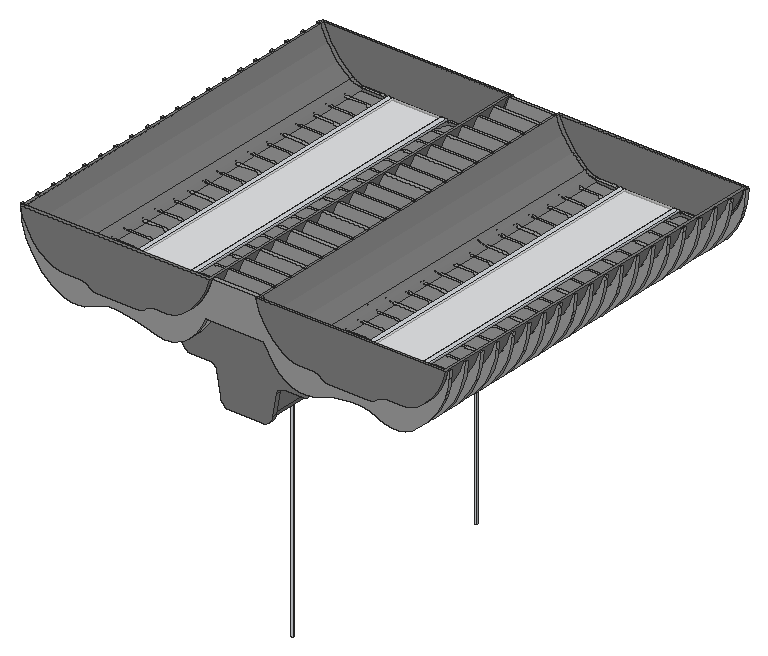
Revit family "0039263 Feilo Sylvania Lighting Fixtures SYLBAY LED 4000K 18-5KLM WIDE DALI", category Lighting Fixtures, host Face, Revit 2017
Family settings
  Host = Face
  Round Connector Dimension = Use Diameter
  Part Type = Normal
  OmniClass Number = 23.80.70.00
  OmniClass Title = Lighting
  Cut with Voids When Loaded = No
  Light Source = Yes
  Shared = No
  Room Calculation Point = No
Parameters (values of type "0039263 SYLBAY LED 4000K 18.5KLM WIDE DALI")
  WireRadius_FEILO = 1 mm
  Weight = "4.6 kg"
  Wattage Comments = "n/a"
  Wattage = 145 W
  WarrantyStartDate [instance] = "n/a"
  WarrantyGuarantorParts = "n/a"
  WarrantyDurationUnit = "n/a"
  WarrantyDurationParts = "n/a"
  WarrantyDescription = "n/a"
  built-in parameter 1150110 = 1 (stored number, unit not read)
  Voltage = 230 V
  URL = "http://www.sylvania-lighting.com"
  TypeName = "SYLBAY LED 4000K 18.5KLM WIDE DALI"
  Type Image = <None>
  Type Comments = "n/a"
  built-in parameter 1114217 = 1 (stored number, unit not read)
  Tilt Angle = -90.00°
  built-in parameter 1150109 = 1 (stored number, unit not read)
  built-in parameter 1150134 = 12
  SuspensionHeight_FEILO [instance] = if(SurfaceMounted_FEILO, 107 mm, SuspensionHeightEntry_FEILO)  # 300 mm
  SuspensionHeightEntry_FEILO [instance] = 300 mm
  SurfaceMounted_FEILO [instance] = no
  built-in parameter 1150113 = 1 (stored number, unit not read)
  SerialNumber [instance] = "n/a"
  ReflectorMaterial = none
  PowerFactor = 0
  PowerConsumption = "145 W"
  Photometric Web File = "0039263.ies"
  NominalLength = 330 mm
  NominalHeight = 105 mm
  NominalDepth = 375 mm
  Name = "SYLBAY LED 4000K 18.5KLM WIDE DALI"
  ModelReference = "SYLBAY LED 4000K 18.5KLM WIDE DALI"
  ModelNumber = "0039263"
  Model = "SYLBAY LED 4000K 18.5KLM WIDE DALI"
  Material = "aluminium housing"
  ManufacturerName = "Feilo Sylvania"
  Manufacturer = "Feilo Sylvania"
  LuminousEfficacy = "130.67 lm/W"
  built-in parameter 1150105 = 11308.3 (stored number, unit not read)
  Lumens = 18947.1 lm
  LuminaireType = ""
  built-in parameter 1150115 = 1 (stored number, unit not read)
  LightOutputRatio = "100"
  built-in parameter 1150137 = (empty or 0)
  built-in parameter 1150139 = (empty or 0)
  LampsType = Lamp  # "LED"
  LampNominalLuminous = "18817 lm"
  LampMacAdamStep = "n/a"
  LampColourTemperature = "4000 K"
  LampColourRenderingIndex = "80"
  built-in parameter 1150112 = 1 (stored number, unit not read)
  built-in parameter 1150114 = 1 (stored number, unit not read)
  Lamp = "LED"
  Keynote = "16500"
  InstallationDate [instance] = "n/a"
  InputVoltage = "220-240V~"
  InputNominalFrequency = "50/60 Hz"
  built-in parameter 1150132 = (empty or 0)
  built-in parameter 1150102 = (empty or 0)
  built-in parameter 1150107 = 4000 (stored number, unit not read)
  built-in parameter 1150138 = (empty or 0)
  IngressProtection = "IP65"
  ImpactProtectionIndex = "IK08"
  built-in parameter 1150106 = 113.08 (stored number, unit not read)
  IfcExportType = "IfcLightFixtureType"
  IfcExportAs = "IfcLightFixtureType"
  ExpectedLife = 50000
  Emit from Rectangle Width = 365 mm
  Emit from Rectangle Length = 320 mm
  Emit Shape Visible in Rendering = no
  ElectricShockClassification = "Class I"
  built-in parameter 1150104 = 12.14 (stored number, unit not read)
  DurationUnit = "hours"
  DocumentationLiterature = "http://www.sylvania-lighting.com/product/en-int/products/0039263"
  DimmingControlOptions = "Dimmable"
  Dimming Lamp Color Temperature Shift = <None>
  DiffuserMaterial = Diffuser-Sylvania-Sylbay-Transparent
  Description = "Specification industrial high bay luminaire, robust and durable, slim design, high output and efficiency, lightweight, aluminium housing with shatter-resistant polycarbonate lens optic, 18,800 lumens, 145W, 130lm/W, 4000K, 2100mA, CRI 80, wide beam optic, DALI dimmable, IP65, IK08, 100,000 hrs (L90B10), (LxWxH) 330x375x105mm, 3 step MacAdam ellipse, 4.6kg, aluminium finish, Class 1, 220-240V, integrated LED, energy class: A++, A+, A."
  Default Elevation = 1219.2 mm
  CreatedOn = "17/11/2017"
  CreatedBy = ""
  Cost = 0
  Color Filter = 16777215
  built-in parameter 1114216 [instance] = (empty or 0)
  BodyMaterial = Body-Sylvania-Sylbay-Aluminium
  BarCode [instance] = "n/a"
  built-in parameter 1114218 = 1 (stored number, unit not read)
  built-in parameter 1150133 = 10 (stored number, unit not read)
  AssetType = "Fixed"
  AssetIdentifier [instance] = "n/a"
  Assembly Code = "D5020200"
  Apparent Load = 145 VA
  AccessoryMaterial = Accesory-Sylvania-Sylbay-White
Reference planes
  plane 1 "Center (Front/Back)": y = 0
  plane 2: z = 0
  plane 3 "Center (Left/Right)": x = 0
  plane 4: z = 300
  plane 5: y = -147
  plane 6: y = 100
  plane 7: y = -100
  plane 8: z = 237.522
  plane 9: z = 246.272
  plane 10: z = 227.522
  plane 11: z = 266.272
  plane 12: z = 256.272
  plane 13: z = 262.272
  plane 14: y = 147
  plane 15: y = -8.075
  plane 16: y = 8.075
  plane 17: y = -150
  plane 18: y = 150
  plane 19: z = 195
  plane 20: z = 193
Forms (mm)
  Extrusion 1, solid, material "Accesory-Sylvania-Sylbay-White" <- "AccessoryMaterial"
    sketch origin (0, 0, 0) x (1, 0, 0) y (0, 0, 1)
      loop
        arc (-39.258, 246.272) -> (-44.534, 242.283) -> (-50.507, 239.445) r 32.519
        arc (-50.507, 239.445) -> (-54.463, 232.388) -> (-48, 227.522) r 6.147
        line (-48, 227.522) -> (-32.102, 227.522)
        arc (-32.102, 227.522) -> (-26.92, 225.616) -> (-24.206, 220.808) r 8
        line (-24.206, 220.808) -> (-21.094, 201.713)
        arc (-21.094, 201.713) -> (-18.38, 196.905) -> (-13.198, 195) r 8
        line (-13.198, 195) -> (13.198, 195)
        arc (13.198, 195) -> (18.393, 196.916) -> (21.099, 201.746) r 8
        line (21.099, 201.746) -> (24.206, 220.808)
        arc (24.206, 220.808) -> (26.92, 225.616) -> (32.102, 227.522) r 8
        line (32.102, 227.522) -> (48, 227.522)
        arc (48, 227.522) -> (54.463, 232.388) -> (50.507, 239.445) r 6.147
        arc (50.507, 239.445) -> (44.534, 242.283) -> (39.258, 246.272) r 32.519
        arc (39.258, 246.272) -> (31.199, 255.531) -> (25.254, 266.272) r 58.361
        line (25.254, 266.272) -> (-25.254, 266.272)
        arc (-25.254, 266.272) -> (-31.199, 255.531) -> (-39.258, 246.272) r 58.361
    from -147 to 147
  Extrusion 2, solid, material "Body-Sylvania-Sylbay-Aluminium" <- "BodyMaterial", detail levels medium+fine
    sketch origin (0, 0, 0) x (1, 0, 0) y (0, 0, 1)
      loop
        arc (-32.102, 225.522) -> (-28.215, 224.093) -> (-26.18, 220.487) r 6
        line (-26.18, 220.487) -> (-23.068, 201.392)
        arc (-23.068, 201.392) -> (-19.676, 195.381) -> (-13.198, 193) r 10
        line (-13.198, 193) -> (13.198, 193)
        arc (13.198, 193) -> (19.69, 195.393) -> (23.074, 201.428) r 10
        line (23.074, 201.428) -> (26.18, 220.487)
        arc (26.18, 220.487) -> (28.215, 224.093) -> (32.102, 225.522) r 6
        line (32.102, 225.522) -> (47.932, 225.522)
        arc (47.932, 225.522) -> (54.718, 228.451) -> (56.343, 235.661) r 8.147
        arc (56.343, 235.661) -> (55.292, 237.506) -> (53.445, 238.553) r 4
        arc (53.445, 238.553) -> (45.865, 241.518) -> (39.258, 246.272) r 32.519
        arc (39.258, 246.272) -> (32.89, 253.237) -> (27.728, 261.137) r 58.361
        arc (27.728, 261.137) -> (25.523, 263.429) -> (22.456, 264.272) r 6
        line (22.456, 264.272) -> (-22.456, 264.272)
        arc (-22.456, 264.272) -> (-25.523, 263.429) -> (-27.728, 261.137) r 6
        arc (-27.728, 261.137) -> (-32.89, 253.237) -> (-39.258, 246.272) r 58.361
        arc (-39.258, 246.272) -> (-45.865, 241.518) -> (-53.445, 238.553) r 32.519
        arc (-53.445, 238.553) -> (-55.292, 237.506) -> (-56.343, 235.661) r 4
        arc (-56.343, 235.661) -> (-54.718, 228.451) -> (-47.932, 225.522) r 8.147
        line (-47.932, 225.522) -> (-32.102, 225.522)
    from 147 to 150
  Extrusion 3, solid, detail levels medium+fine
    sketch origin (0, 0, 0) x (1, 0, 0) y (0, 0, 1)
      loop
        line (-47.932, 225.522) -> (-32.102, 225.522)
        arc (-32.102, 225.522) -> (-28.215, 224.093) -> (-26.18, 220.487) r 6
        line (-26.18, 220.487) -> (-23.068, 201.392)
        arc (-23.068, 201.392) -> (-19.676, 195.381) -> (-13.198, 193) r 10
        line (-13.198, 193) -> (13.198, 193)
        arc (13.198, 193) -> (19.69, 195.393) -> (23.074, 201.428) r 10
        line (23.074, 201.428) -> (26.18, 220.487)
        arc (26.18, 220.487) -> (28.215, 224.093) -> (32.102, 225.522) r 6
        line (32.102, 225.522) -> (47.932, 225.522)
        arc (47.932, 225.522) -> (54.718, 228.451) -> (56.343, 235.661) r 8.147
        arc (56.343, 235.661) -> (55.292, 237.506) -> (53.445, 238.553) r 4
        arc (53.445, 238.553) -> (45.865, 241.518) -> (39.258, 246.272) r 32.519
        arc (39.258, 246.272) -> (32.89, 253.237) -> (27.728, 261.137) r 58.361
        arc (27.728, 261.137) -> (25.523, 263.429) -> (22.456, 264.272) r 6
        line (22.456, 264.272) -> (-22.456, 264.272)
        arc (-22.456, 264.272) -> (-25.523, 263.429) -> (-27.728, 261.137) r 6
        arc (-27.728, 261.137) -> (-32.89, 253.237) -> (-39.258, 246.272) r 58.361
        arc (-39.258, 246.272) -> (-45.865, 241.518) -> (-53.445, 238.553) r 32.519
        arc (-53.445, 238.553) -> (-55.292, 237.506) -> (-56.343, 235.661) r 4
        arc (-56.343, 235.661) -> (-54.718, 228.451) -> (-47.932, 225.522) r 8.147
    from -150 to -147
  Extrusion 4, solid
    sketch origin (-316.531, -4572, 195) x (-1, 0, 0) y (0, -1, 0)
      loop
        circle (-316.531, -4672) r 1
      loop
        circle (-316.531, -4472) r 1
    from 0 to -195
Dimensions and locks
  "SuspensionHeight_FEILO": plane 4 to plane 2
  equal spacing: plane 7, plane 1 "Center (Front/Back)", plane 6
  locked: plane 1 "Center (Front/Back)" to plane 6 at 100
  locked: plane 4 to plane 8 at 62.478
  locked: plane 4 to plane 9 at 53.728
  plane 4 to plane 10 = 72.478 mm
  locked: plane 4 to plane 11 at 33.728
  locked: plane 12 to plane 9 at 10
  locked: plane 13 to plane 12 at 6
  locked: plane 3 "Center (Left/Right)" to Extrusion 1 sketch curve at 48.447
  locked: Extrusion 1 sketch curve to plane 3 "Center (Left/Right)" at 48.447
  locked: plane 4 to Extrusion 1 sketch curve at 66.347  (x2)
  Extrusion 1 sketch curve to plane 3 "Center (Left/Right)" to Extrusion 1 sketch curve = 13.198 mm locked, 13.198 mm locked
  Extrusion 1 sketch curve to plane 3 "Center (Left/Right)" to Extrusion 1 sketch curve = 32.102 mm locked, 32.102 mm locked
  locked: plane 4 to Extrusion 1 sketch curve at 97  (x2)
  locked: plane 4 to Extrusion 1 sketch curve at 80.478  (x2)
  equal spacing: plane 15, plane 1 "Center (Front/Back)", plane 16
  locked: plane 15 to plane 16 at 16.15
  locked: plane 10 to Extrusion 2 sketch curve at 2
  plane 10 to Extrusion 2 sketch curve = 2 mm
  locked: Extrusion 2 sketch curve to Extrusion 1 at 2  (x2)
  locked: Extrusion 2 sketch curve to plane 3 "Center (Left/Right)" at 52.466
  locked: plane 3 "Center (Left/Right)" to Extrusion 2 sketch curve at 52.466
  locked: plane 4 to Extrusion 2 sketch curve at 65.325  (x2)
  locked: plane 4 to Extrusion 2 sketch curve at 41.728  (x2)
  locked: plane 3 "Center (Left/Right)" to Extrusion 2 sketch curve at 22.456
  locked: Extrusion 2 sketch curve to plane 3 "Center (Left/Right)" at 22.456
  locked: plane 4 to plane 19 at 105
  locked: plane 19 to plane 20 at 2
  locked: plane 1 "Center (Front/Back)" to plane 18 at 150
  locked: plane 14 to plane 18 at 3
  locked: plane 17 to plane 1 "Center (Front/Back)" at 150
  locked: plane 17 to plane 5 at 3
  "WireRadius_FEILO": radius of Extrusion 4 sketch curve  (x2)
  aligned and locked: plane 2 to host face
  aligned and locked: level to host face
  aligned and locked: plane 10 to Extrusion 1 sketch curve
  aligned and locked: plane 5 to Extrusion 1
  aligned and locked: Extrusion 1 to plane 14
  aligned and locked: imposter light to plane 4
  aligned and locked: plane 3 "Center (Left/Right)" to imposter light
  aligned and locked: plane 1 "Center (Front/Back)" to imposter light
  aligned and locked: plane 17 to Extrusion 2
  aligned and locked: Extrusion 2 to plane 5
  aligned and locked: Extrusion 3 sketch curve to Extrusion 2  (x15)
  aligned and locked: Extrusion 3 to Extrusion 1
  aligned and locked: Extrusion 3 to plane 18
  aligned and locked: Extrusion 1 sketch curve to plane 19
  aligned and locked: plane 7 to Extrusion 4 sketch curve
  aligned and locked: plane 3 "Center (Left/Right)" to Extrusion 4 sketch curve  (x2)
  aligned and locked: plane 6 to Extrusion 4 sketch curve
  aligned and locked: Extrusion 1 to Extrusion 4
  aligned and locked: Extrusion 4 to level
  aligned and locked: plane 20 to Extrusion 2 sketch curve
  aligned and locked: plane 3 "Center (Left/Right)" to nested 1
  aligned and locked: plane 1 "Center (Front/Back)" to nested 1
Automatic sketch dimensions
  host sketch curve to host sketch curve = 2438.4 mm  (x2)
  Extrusion 1 sketch curve to plane 9 = 0 mm  (x4)
  Extrusion 1 sketch curve to plane 10 = 0 mm
  plane 11 to Extrusion 1 sketch curve = 3.811 mm
  Extrusion 1 sketch curve to Extrusion 1 sketch curve = 36.151 mm  (x2)
  Extrusion 1 sketch curve to plane 4 = 10.994 mm  (x2)
  Extrusion 1 sketch curve to plane 11 = 0 mm
  plane 9 to Extrusion 1 sketch curve = 23.811 mm
  Extrusion 1 sketch curve to plane 10 = 6.713 mm  (x2)
  plane 19 to Extrusion 1 sketch curve = 6.713 mm
  Extrusion 3 sketch curve to plane 10 = 7.035 mm  (x2)
  plane 19 to Extrusion 3 sketch curve = 6.392 mm
  plane 19 to Extrusion 1 sketch curve = 6.746 mm
  plane 19 to Extrusion 3 sketch curve = 6.428 mm
  plane 3 "Center (Left/Right)" to Extrusion 1 sketch curve = 25.254 mm
  Extrusion 1 sketch curve to Extrusion 1 sketch curve = 0.447 mm  (x2)
  Extrusion 1 sketch curve to Extrusion 1 sketch curve = 12.959 mm
  Extrusion 2 sketch curve to plane 9 = 0 mm  (x4)
  plane 11 to Extrusion 2 sketch curve = 3.811 mm  (x2)
  Extrusion 2 sketch curve to Extrusion 2 sketch curve = 8.939 mm  (x2)
  Extrusion 2 sketch curve to plane 4 = 10.994 mm  (x2)
  Extrusion 2 sketch curve to Extrusion 2 sketch curve = 17.6 mm  (x2)
  Extrusion 2 sketch curve to Extrusion 2 sketch curve = 4.02 mm  (x2)
  Extrusion 2 sketch curve to Extrusion 2 sketch curve = 0.514 mm
  Extrusion 2 sketch curve to plane 10 = 8 mm
  Extrusion 2 sketch curve to plane 10 = 7.035 mm  (x2)
  plane 19 to Extrusion 2 sketch curve = 6.392 mm
  plane 19 to Extrusion 2 sketch curve = 8 mm
  plane 3 "Center (Left/Right)" to Extrusion 2 sketch curve = 13.198 mm
  plane 19 to Extrusion 2 sketch curve = 6.428 mm
  Extrusion 2 sketch curve to Extrusion 2 sketch curve = 5.922 mm
  Extrusion 2 sketch curve to Extrusion 2 sketch curve = 4.534 mm
  Extrusion 2 sketch curve to plane 8 = 3.869 mm  (x2)
  Extrusion 2 sketch curve to plane 11 = 2 mm
  Extrusion 2 sketch curve to Extrusion 2 sketch curve = 0 mm  (x2)
Nested families
  nested 1: "SylbayBody" at (0, 0, 266.272), type "SylbayBody"
  nested 2: "SlybayRib" at (0, 144.453, 300), type "SylbayRib"
  nested 3: "SlybayRib" at (0, 127.406, 300), type "SylbayRib"
  nested 4: "SlybayRib" at (0, 110.358, 300), type "SylbayRib"
  nested 5: "SlybayRib" at (0, 93.311, 300), type "SylbayRib"
  nested 6: "SlybayRib" at (0, 76.264, 300), type "SylbayRib"
  nested 7: "SlybayRib" at (0, 59.217, 300), type "SylbayRib"
  nested 8: "SlybayRib" at (0, 42.169, 300), type "SylbayRib"
  nested 9: "SlybayRib" at (0, 25.122, 300), type "SylbayRib"
  nested 10: "SlybayRib" at (0, 161.5, 300), type "SylbayRib"
  nested 11: "SlybayRib" at (0, -144.453, 300), type "SylbayRib"
  nested 12: "SlybayRib" at (0, -127.406, 300), type "SylbayRib"
  nested 13: "SlybayRib" at (0, -110.358, 300), type "SylbayRib"
  nested 14: "SlybayRib" at (0, -93.311, 300), type "SylbayRib"
  nested 15: "SlybayRib" at (0, -76.264, 300), type "SylbayRib"
  nested 16: "SlybayRib" at (0, -59.217, 300), type "SylbayRib"
  nested 17: "SlybayRib" at (0, -42.169, 300), type "SylbayRib"
  nested 18: "SlybayRib" at (0, -25.122, 300), type "SylbayRib"
  nested 19: "SlybayRib" at (0, -161.5, 300), type "SylbayRib"
  nested 20: "SlybayRib" at (0, 8.075, 300), type "SylbayRib"
  nested 21: "SlybayRib" at (0, -8.075, 300), type "SylbayRib"
Connectors
  electrical at (0, 0, 0), driven by "Apparent Load"
    settings: index 1, voltage 230 V, apparent load 145 VA, apparent load phase1 0 VA, apparent load phase2 0 VA, apparent load phase3 0 VA, power factor 0, load classification "Lighting", number of poles 1, system type 30, power factor state 1, is connector primary yes, connector utility no, sub classification motor no, connector description ""
Definition of nested family "SylbayBody"
  Parameters (values of type "SylbayBody")
    URL = "http://www.feilosylvania.com"
    Type Image = (empty or 0)
    Type Comments = "n/a"
    RibLast_FEILO = 161.5 mm
    RibDistance_FEILO = RibLast_FEILO / 10  # 16.15 mm
    ReflectorMaterial = none
    Model = ""
    Manufacturer = "Feilo Sylvania"
    Keynote = ""
    DiffuserMaterial = none
    Description = "n/a"
    Default Elevation = 1219.2 mm
    Cost = 0
    BodyMaterial = none
    Assembly Code = "D5020200"
    AccessoryMaterial = none
  Reference planes
    plane 1 "Center (Front/Back)": y = 0
    plane 2: z = 0
    plane 3 "Center (Left/Right)": x = 0
    plane 4: x = -187.5
    plane 5: x = 187.5
    plane 6: z = 33.728
    plane 7: y = -165
    plane 8: y = 165
    plane 9: y = -148
    plane 10: y = 160
    plane 11: y = -160
    plane 12: z = -28.75
    plane 13: z = -20
    plane 14: x = -102.75
    plane 15: x = 102.75
    plane 16: z = 0
    plane 17: x = -185.5
    plane 18: x = -20
    plane 19: z = -10
    plane 20: x = -122.75
    plane 21: x = -82.75
    plane 22: z = -4
    plane 23: x = -130.75
    plane 24: x = -74.75
    plane 25: x = -145.75
    plane 26: x = -59.75
    plane 27: x = -25.3
    plane 28: x = -183.5
    plane 29: x = -22
    plane 30: y = -163
    plane 31: y = 163
    plane 32: x = 25.3
    plane 33: x = -48
    plane 34: x = 48
    plane 35: x = 20
    plane 36: y = 148
    plane 37: y = -161.5
    plane 38: y = 161.5
    plane 39: y = -8.075
    plane 40: y = 8.075
    plane 41: y = -151
    plane 42: y = 151
    plane 43: y = 149
    plane 44: y = 152
    plane 45: z = -2
    plane 46: z = 0
  Forms (mm)
    Extrusion 1, solid
      sketch origin (4.2, 0, 0) x (1, 0, 0) y (0, 1, 0)
        loop
          line (-1219.2, 1219.2) -> (-1219.2, -1219.2) -> (1219.2, -1219.2) -> (1219.2, 1219.2) -> (-1219.2, 1219.2)
      from 0 to -304.8
    Extrusion 2, solid, material <- "BodyMaterial", detail levels coarse+medium
      sketch origin (0, 0, -234.25) x (1, 0, 0) y (0, 0, 1)
        loop
          arc (-187.5, 267.978) -> (-180.003, 237.85) -> (-159.829, 214.25) r 67.598
          arc (-159.829, 214.25) -> (-143.258, 206.411) -> (-125.169, 209.379) r 30.791
          arc (-125.169, 209.379) -> (-113.533, 213.402) -> (-101.25, 214.25) r 46.777
          arc (-101.25, 214.25) -> (-87.202, 212.214) -> (-73.664, 207.942) r 87.865
          arc (-73.664, 207.942) -> (-55.541, 206.076) -> (-39.258, 214.25) r 32.519
          arc (-39.258, 214.25) -> (-31.199, 223.509) -> (-25.254, 234.25) r 58.361
          line (-25.254, 234.25) -> (25.254, 234.25)
          arc (25.254, 234.25) -> (31.199, 223.509) -> (39.258, 214.25) r 58.361
          arc (39.258, 214.25) -> (55.541, 206.076) -> (73.664, 207.942) r 32.519
          arc (73.664, 207.942) -> (87.202, 212.214) -> (101.25, 214.25) r 87.865
          arc (101.25, 214.25) -> (113.533, 213.402) -> (125.169, 209.379) r 46.777
          arc (125.169, 209.379) -> (143.258, 206.411) -> (159.829, 214.25) r 30.791
          arc (159.829, 214.25) -> (180.003, 237.85) -> (187.5, 267.978) r 67.598
          line (187.5, 267.978) -> (185.5, 267.978)
          arc (185.5, 267.978) -> (176.042, 248.665) -> (160.084, 234.25) r 56.823
          arc (160.084, 234.25) -> (153.191, 231.269) -> (145.75, 230.25) r 27.682
          line (145.75, 230.25) -> (132.583, 230.25)
          arc (132.583, 230.25) -> (129.421, 229.737) -> (126.583, 228.25) r 10
          line (126.583, 228.25) -> (123.917, 226.25)
          arc (123.917, 226.25) -> (121.079, 224.763) -> (117.917, 224.25) r 10
          line (117.917, 224.25) -> (84.583, 224.25)
          arc (84.583, 224.25) -> (81.421, 224.763) -> (78.583, 226.25) r 10
          line (78.583, 226.25) -> (75.917, 228.25)
          arc (75.917, 228.25) -> (73.079, 229.737) -> (69.917, 230.25) r 10
          line (69.917, 230.25) -> (58.25, 230.25)
          arc (58.25, 230.25) -> (51.55, 231.273) -> (45.461, 234.25) r 22.443
          arc (45.461, 234.25) -> (30.027, 249.073) -> (20, 267.978) r 67.602
          line (20, 267.978) -> (-20, 267.978)
          arc (-20, 267.978) -> (-30.027, 249.073) -> (-45.461, 234.25) r 67.602
          arc (-45.461, 234.25) -> (-51.55, 231.273) -> (-58.25, 230.25) r 22.443
          line (-58.25, 230.25) -> (-69.917, 230.25)
          arc (-69.917, 230.25) -> (-73.079, 229.737) -> (-75.917, 228.25) r 10
          line (-75.917, 228.25) -> (-78.583, 226.25)
          arc (-78.583, 226.25) -> (-81.421, 224.763) -> (-84.583, 224.25) r 10
          line (-84.583, 224.25) -> (-117.917, 224.25)
          arc (-117.917, 224.25) -> (-121.079, 224.763) -> (-123.917, 226.25) r 10
          line (-123.917, 226.25) -> (-126.583, 228.25)
          arc (-126.583, 228.25) -> (-129.421, 229.737) -> (-132.583, 230.25) r 10
          line (-132.583, 230.25) -> (-145.75, 230.25)
          arc (-145.75, 230.25) -> (-153.191, 231.269) -> (-160.084, 234.25) r 27.682
          arc (-160.084, 234.25) -> (-176.042, 248.665) -> (-185.5, 267.978) r 56.823
          line (-185.5, 267.978) -> (-187.5, 267.978)
      from 160 to -160
    Extrusion 3, solid, material <- "BodyMaterial"
      sketch origin (0, 0, -234.25) x (1, 0, 0) y (0, 0, 1)
        loop
          arc (-145.75, 230.25) -> (-152.168, 231.276) -> (-157.947, 234.25) r 20.597
          arc (-157.947, 234.25) -> (-173.175, 249.257) -> (-183.5, 267.978) r 74.319
          line (-183.5, 267.978) -> (-185.5, 267.978)
          arc (-185.5, 267.978) -> (-176.042, 248.665) -> (-160.084, 234.25) r 56.823
          arc (-160.084, 234.25) -> (-153.191, 231.269) -> (-145.75, 230.25) r 27.682
        loop
          arc (-45.461, 234.25) -> (-30.027, 249.073) -> (-20, 267.978) r 67.602
          line (-20, 267.978) -> (-22, 267.978)
          arc (-22, 267.978) -> (-31.964, 249.398) -> (-46.63, 234.25) r 76.357
          arc (-46.63, 234.25) -> (-52.105, 231.278) -> (-58.25, 230.25) r 18.878
          arc (-58.25, 230.25) -> (-51.55, 231.273) -> (-45.461, 234.25) r 22.443
        loop
          arc (145.75, 230.25) -> (153.191, 231.269) -> (160.084, 234.25) r 27.682
          arc (160.084, 234.25) -> (176.042, 248.665) -> (185.5, 267.978) r 56.823
          line (185.5, 267.978) -> (183.5, 267.978)
          arc (183.5, 267.978) -> (173.175, 249.257) -> (157.947, 234.25) r 74.319
          arc (157.947, 234.25) -> (152.168, 231.276) -> (145.75, 230.25) r 20.597
        loop
          arc (45.461, 234.25) -> (51.55, 231.273) -> (58.25, 230.25) r 22.443
          arc (58.25, 230.25) -> (52.105, 231.278) -> (46.63, 234.25) r 18.878
          arc (46.63, 234.25) -> (31.964, 249.398) -> (22, 267.978) r 76.357
          line (22, 267.978) -> (20, 267.978)
          arc (20, 267.978) -> (30.027, 249.073) -> (45.461, 234.25) r 67.602
      from -160 to 160
    Extrusion 4, solid, material <- "BodyMaterial"
      sketch origin (0, -165, -843.85) x (0, 0, -1) y (1, 0, 0)
        loop
          arc (-837.85, -132.583) -> (-837.439, -130.054) -> (-836.25, -127.783) r 8
          line (-836.25, -127.783) -> (-834.25, -125.117)
          arc (-834.25, -125.117) -> (-832.466, -121.711) -> (-831.85, -117.917) r 12
          line (-831.85, -117.917) -> (-831.85, -84.583)
          arc (-831.85, -84.583) -> (-832.466, -80.789) -> (-834.25, -77.383) r 12
          line (-834.25, -77.383) -> (-836.25, -74.717)
          arc (-836.25, -74.717) -> (-837.439, -72.446) -> (-837.85, -69.917) r 8
          line (-837.85, -69.917) -> (-837.85, -58.25)
          arc (-837.85, -58.25) -> (-838.965, -50.953) -> (-842.206, -44.322) r 24.443
          arc (-842.206, -44.322) -> (-857.666, -28.923) -> (-877.578, -20) r 60.581
          line (-877.578, -20) -> (-877.578, -22)
          arc (-877.578, -22) -> (-858.998, -31.964) -> (-843.85, -46.63) r 76.357
          arc (-843.85, -46.63) -> (-840.878, -52.105) -> (-839.85, -58.25) r 18.878
          line (-839.85, -58.25) -> (-839.85, -69.917)
          arc (-839.85, -69.917) -> (-839.337, -73.079) -> (-837.85, -75.917) r 10
          line (-837.85, -75.917) -> (-835.85, -78.583)
          arc (-835.85, -78.583) -> (-834.363, -81.421) -> (-833.85, -84.583) r 10
          line (-833.85, -84.583) -> (-833.85, -117.917)
          arc (-833.85, -117.917) -> (-834.363, -121.079) -> (-835.85, -123.917) r 10
          line (-835.85, -123.917) -> (-837.85, -126.583)
          arc (-837.85, -126.583) -> (-839.337, -129.421) -> (-839.85, -132.583) r 10
          line (-839.85, -132.583) -> (-839.85, -145.75)
          arc (-839.85, -145.75) -> (-840.876, -152.168) -> (-843.85, -157.947) r 20.597
          arc (-843.85, -157.947) -> (-858.857, -173.175) -> (-877.578, -183.5) r 74.319
          line (-877.578, -183.5) -> (-877.578, -185.5)
          arc (-877.578, -185.5) -> (-857.235, -177.123) -> (-842.139, -161.119) r 52.287
          arc (-842.139, -161.119) -> (-838.942, -153.728) -> (-837.85, -145.75) r 29.682
          line (-837.85, -145.75) -> (-837.85, -132.583)
        loop
          line (-837.85, 132.583) -> (-837.85, 145.75)
          arc (-837.85, 145.75) -> (-838.942, 153.728) -> (-842.139, 161.119) r 29.682
          arc (-842.139, 161.119) -> (-857.235, 177.123) -> (-877.578, 185.5) r 52.287
          line (-877.578, 185.5) -> (-877.578, 183.5)
          arc (-877.578, 183.5) -> (-858.857, 173.175) -> (-843.85, 157.947) r 74.319
          arc (-843.85, 157.947) -> (-840.876, 152.168) -> (-839.85, 145.75) r 20.597
          line (-839.85, 145.75) -> (-839.85, 132.583)
          arc (-839.85, 132.583) -> (-839.337, 129.421) -> (-837.85, 126.583) r 10
          line (-837.85, 126.583) -> (-835.85, 123.917)
          arc (-835.85, 123.917) -> (-834.363, 121.079) -> (-833.85, 117.917) r 10
          line (-833.85, 117.917) -> (-833.85, 84.583)
          arc (-833.85, 84.583) -> (-834.363, 81.421) -> (-835.85, 78.583) r 10
          line (-835.85, 78.583) -> (-837.85, 75.917)
          arc (-837.85, 75.917) -> (-839.337, 73.079) -> (-839.85, 69.917) r 10
          line (-839.85, 69.917) -> (-839.85, 58.25)
          arc (-839.85, 58.25) -> (-840.878, 52.105) -> (-843.85, 46.63) r 18.878
          arc (-843.85, 46.63) -> (-858.998, 31.964) -> (-877.578, 22) r 76.357
          line (-877.578, 22) -> (-877.578, 20)
          arc (-877.578, 20) -> (-857.666, 28.923) -> (-842.206, 44.322) r 60.581
          arc (-842.206, 44.322) -> (-838.965, 50.953) -> (-837.85, 58.25) r 24.443
          line (-837.85, 58.25) -> (-837.85, 69.917)
          arc (-837.85, 69.917) -> (-837.439, 72.446) -> (-836.25, 74.717) r 8
          line (-836.25, 74.717) -> (-834.25, 77.383)
          arc (-834.25, 77.383) -> (-832.466, 80.789) -> (-831.85, 84.583) r 12
          line (-831.85, 84.583) -> (-831.85, 117.917)
          arc (-831.85, 117.917) -> (-832.466, 121.711) -> (-834.25, 125.117) r 12
          line (-834.25, 125.117) -> (-836.25, 127.783)
          arc (-836.25, 127.783) -> (-837.439, 130.054) -> (-837.85, 132.583) r 8
      from -2 to -5
    Extrusion 5, solid, material <- "BodyMaterial"
      sketch origin (0, 165, -843.85) x (0, 0, -1) y (1, 0, 0)
        loop
          line (-831.85, -117.917) -> (-831.85, -84.583)
          arc (-831.85, -84.583) -> (-832.466, -80.789) -> (-834.25, -77.383) r 12
          line (-834.25, -77.383) -> (-836.25, -74.717)
          arc (-836.25, -74.717) -> (-837.439, -72.446) -> (-837.85, -69.917) r 8
          line (-837.85, -69.917) -> (-837.85, -58.25)
          arc (-837.85, -58.25) -> (-838.965, -50.953) -> (-842.206, -44.322) r 24.443
          arc (-842.206, -44.322) -> (-857.666, -28.923) -> (-877.578, -20) r 60.581
          line (-877.578, -20) -> (-877.578, -22)
          arc (-877.578, -22) -> (-858.998, -31.964) -> (-843.85, -46.63) r 76.357
          arc (-843.85, -46.63) -> (-840.878, -52.105) -> (-839.85, -58.25) r 18.878
          line (-839.85, -58.25) -> (-839.85, -69.917)
          arc (-839.85, -69.917) -> (-839.337, -73.079) -> (-837.85, -75.917) r 10
          line (-837.85, -75.917) -> (-835.85, -78.583)
          arc (-835.85, -78.583) -> (-834.363, -81.421) -> (-833.85, -84.583) r 10
          line (-833.85, -84.583) -> (-833.85, -117.917)
          arc (-833.85, -117.917) -> (-834.363, -121.079) -> (-835.85, -123.917) r 10
          line (-835.85, -123.917) -> (-837.85, -126.583)
          arc (-837.85, -126.583) -> (-839.337, -129.421) -> (-839.85, -132.583) r 10
          line (-839.85, -132.583) -> (-839.85, -145.75)
          arc (-839.85, -145.75) -> (-840.876, -152.168) -> (-843.85, -157.947) r 20.597
          arc (-843.85, -157.947) -> (-858.857, -173.175) -> (-877.578, -183.5) r 74.319
          line (-877.578, -183.5) -> (-877.578, -185.5)
          arc (-877.578, -185.5) -> (-857.235, -177.123) -> (-842.139, -161.119) r 52.287
          arc (-842.139, -161.119) -> (-838.942, -153.728) -> (-837.85, -145.75) r 29.682
          line (-837.85, -145.75) -> (-837.85, -132.583)
          arc (-837.85, -132.583) -> (-837.439, -130.054) -> (-836.25, -127.783) r 8
          line (-836.25, -127.783) -> (-834.25, -125.117)
          arc (-834.25, -125.117) -> (-832.466, -121.711) -> (-831.85, -117.917) r 12
        loop
          line (-831.85, 84.583) -> (-831.85, 117.917)
          arc (-831.85, 117.917) -> (-832.466, 121.711) -> (-834.25, 125.117) r 12
          line (-834.25, 125.117) -> (-836.25, 127.783)
          arc (-836.25, 127.783) -> (-837.439, 130.054) -> (-837.85, 132.583) r 8
          line (-837.85, 132.583) -> (-837.85, 145.75)
          arc (-837.85, 145.75) -> (-838.942, 153.728) -> (-842.139, 161.119) r 29.682
          arc (-842.139, 161.119) -> (-857.235, 177.123) -> (-877.578, 185.5) r 52.287
          line (-877.578, 185.5) -> (-877.578, 183.5)
          arc (-877.578, 183.5) -> (-858.857, 173.175) -> (-843.85, 157.947) r 74.319
          arc (-843.85, 157.947) -> (-840.876, 152.168) -> (-839.85, 145.75) r 20.597
          line (-839.85, 145.75) -> (-839.85, 132.583)
          arc (-839.85, 132.583) -> (-839.337, 129.421) -> (-837.85, 126.583) r 10
          line (-837.85, 126.583) -> (-835.85, 123.917)
          arc (-835.85, 123.917) -> (-834.363, 121.079) -> (-833.85, 117.917) r 10
          line (-833.85, 117.917) -> (-833.85, 84.583)
          arc (-833.85, 84.583) -> (-834.363, 81.421) -> (-835.85, 78.583) r 10
          line (-835.85, 78.583) -> (-837.85, 75.917)
          arc (-837.85, 75.917) -> (-839.337, 73.079) -> (-839.85, 69.917) r 10
          line (-839.85, 69.917) -> (-839.85, 58.25)
          arc (-839.85, 58.25) -> (-840.878, 52.105) -> (-843.85, 46.63) r 18.878
          arc (-843.85, 46.63) -> (-858.998, 31.964) -> (-877.578, 22) r 76.357
          line (-877.578, 22) -> (-877.578, 20)
          arc (-877.578, 20) -> (-857.666, 28.923) -> (-842.206, 44.322) r 60.581
          arc (-842.206, 44.322) -> (-838.965, 50.953) -> (-837.85, 58.25) r 24.443
          line (-837.85, 58.25) -> (-837.85, 69.917)
          arc (-837.85, 69.917) -> (-837.439, 72.446) -> (-836.25, 74.717) r 8
          line (-836.25, 74.717) -> (-834.25, 77.383)
          arc (-834.25, 77.383) -> (-832.466, 80.789) -> (-831.85, 84.583) r 12
      from 2 to 5
    Extrusion 6, solid, material <- "BodyMaterial"
      sketch origin (0, 165, -843.85) x (0, 0, -1) y (1, 0, 0)
        loop
          arc (-842.206, -44.322) -> (-857.666, -28.923) -> (-877.578, -20) r 60.581
          line (-877.578, -20) -> (-877.578, -185.5)
          arc (-877.578, -185.5) -> (-857.235, -177.123) -> (-842.139, -161.119) r 52.287
          arc (-842.139, -161.119) -> (-838.942, -153.728) -> (-837.85, -145.75) r 29.682
          line (-837.85, -145.75) -> (-837.85, -132.583)
          arc (-837.85, -132.583) -> (-837.439, -130.054) -> (-836.25, -127.783) r 8
          line (-836.25, -127.783) -> (-834.25, -125.117)
          arc (-834.25, -125.117) -> (-832.466, -121.711) -> (-831.85, -117.917) r 12
          line (-831.85, -117.917) -> (-831.85, -84.583)
          arc (-831.85, -84.583) -> (-832.466, -80.789) -> (-834.25, -77.383) r 12
          line (-834.25, -77.383) -> (-836.25, -74.717)
          arc (-836.25, -74.717) -> (-837.439, -72.446) -> (-837.85, -69.917) r 8
          line (-837.85, -69.917) -> (-837.85, -58.25)
          arc (-837.85, -58.25) -> (-838.965, -50.953) -> (-842.206, -44.322) r 24.443
        loop
          arc (-877.578, 20) -> (-857.666, 28.923) -> (-842.206, 44.322) r 60.581
          arc (-842.206, 44.322) -> (-838.965, 50.953) -> (-837.85, 58.25) r 24.443
          line (-837.85, 58.25) -> (-837.85, 69.917)
          arc (-837.85, 69.917) -> (-837.439, 72.446) -> (-836.25, 74.717) r 8
          line (-836.25, 74.717) -> (-834.25, 77.383)
          arc (-834.25, 77.383) -> (-832.466, 80.789) -> (-831.85, 84.583) r 12
          line (-831.85, 84.583) -> (-831.85, 117.917)
          arc (-831.85, 117.917) -> (-832.466, 121.711) -> (-834.25, 125.117) r 12
          line (-834.25, 125.117) -> (-836.25, 127.783)
          arc (-836.25, 127.783) -> (-837.439, 130.054) -> (-837.85, 132.583) r 8
          line (-837.85, 132.583) -> (-837.85, 145.75)
          arc (-837.85, 145.75) -> (-838.942, 153.728) -> (-842.139, 161.119) r 29.682
          arc (-842.139, 161.119) -> (-857.235, 177.123) -> (-877.578, 185.5) r 52.287
          line (-877.578, 185.5) -> (-877.578, 20)
      from 0 to 2
    Extrusion 7, solid, material <- "BodyMaterial"
      sketch origin (0, -165, -843.85) x (0, 0, -1) y (1, 0, 0)
        loop
          line (-877.578, -20) -> (-877.578, -185.5)
          arc (-877.578, -185.5) -> (-857.235, -177.123) -> (-842.139, -161.119) r 52.287
          arc (-842.139, -161.119) -> (-838.942, -153.728) -> (-837.85, -145.75) r 29.682
          line (-837.85, -145.75) -> (-837.85, -132.583)
          arc (-837.85, -132.583) -> (-837.439, -130.054) -> (-836.25, -127.783) r 8
          line (-836.25, -127.783) -> (-834.25, -125.117)
          arc (-834.25, -125.117) -> (-832.466, -121.711) -> (-831.85, -117.917) r 12
          line (-831.85, -117.917) -> (-831.85, -84.583)
          arc (-831.85, -84.583) -> (-832.466, -80.789) -> (-834.25, -77.383) r 12
          line (-834.25, -77.383) -> (-836.25, -74.717)
          arc (-836.25, -74.717) -> (-837.439, -72.446) -> (-837.85, -69.917) r 8
          line (-837.85, -69.917) -> (-837.85, -58.25)
          arc (-837.85, -58.25) -> (-838.965, -50.953) -> (-842.206, -44.322) r 24.443
          arc (-842.206, -44.322) -> (-857.666, -28.923) -> (-877.578, -20) r 60.581
        loop
          line (-877.578, 185.5) -> (-877.578, 20)
          arc (-877.578, 20) -> (-857.666, 28.923) -> (-842.206, 44.322) r 60.581
          arc (-842.206, 44.322) -> (-838.965, 50.953) -> (-837.85, 58.25) r 24.443
          line (-837.85, 58.25) -> (-837.85, 69.917)
          arc (-837.85, 69.917) -> (-837.439, 72.446) -> (-836.25, 74.717) r 8
          line (-836.25, 74.717) -> (-834.25, 77.383)
          arc (-834.25, 77.383) -> (-832.466, 80.789) -> (-831.85, 84.583) r 12
          line (-831.85, 84.583) -> (-831.85, 117.917)
          arc (-831.85, 117.917) -> (-832.466, 121.711) -> (-834.25, 125.117) r 12
          line (-834.25, 125.117) -> (-836.25, 127.783)
          arc (-836.25, 127.783) -> (-837.439, 130.054) -> (-837.85, 132.583) r 8
          line (-837.85, 132.583) -> (-837.85, 145.75)
          arc (-837.85, 145.75) -> (-838.942, 153.728) -> (-842.139, 161.119) r 29.682
          arc (-842.139, 161.119) -> (-857.235, 177.123) -> (-877.578, 185.5) r 52.287
      from 0 to -2
    Extrusion 8, solid, detail levels medium+fine
      sketch origin (0, 0, -234.25) x (1, 0, 0) y (0, 0, 1)
        loop
          arc (-123.917, 226.25) -> (-121.079, 224.763) -> (-117.917, 224.25) r 10
          line (-117.917, 224.25) -> (-84.583, 224.25)
          arc (-84.583, 224.25) -> (-81.421, 224.763) -> (-78.583, 226.25) r 10
          line (-78.583, 226.25) -> (-75.917, 228.25)
          arc (-75.917, 228.25) -> (-75.417, 229.25) -> (-75.917, 230.25) r 1.25
          line (-75.917, 230.25) -> (-79.782, 230.25) -> (-79.782, 228.278) -> (-122.75, 228.278) -> (-122.75, 230.25) -> (-126.583, 230.25)
          arc (-126.583, 230.25) -> (-127.083, 229.25) -> (-126.583, 228.25) r 1.25
          line (-126.583, 228.25) -> (-123.917, 226.25)
        loop
          line (123.917, 226.25) -> (126.583, 228.25)
          arc (126.583, 228.25) -> (127.083, 229.25) -> (126.583, 230.25) r 1.25
          line (126.583, 230.25) -> (122.75, 230.25) -> (122.75, 228.278) -> (79.782, 228.278) -> (79.782, 230.25) -> (75.917, 230.25)
          arc (75.917, 230.25) -> (75.417, 229.25) -> (75.917, 228.25) r 1.25
          line (75.917, 228.25) -> (78.583, 226.25)
          arc (78.583, 226.25) -> (81.421, 224.763) -> (84.583, 224.25) r 10
          line (84.583, 224.25) -> (117.917, 224.25)
          arc (117.917, 224.25) -> (121.079, 224.763) -> (123.917, 226.25) r 10
      from -163 to 163
    Extrusion 9, solid, material <- "DiffuserMaterial", detail levels medium+fine
      sketch origin (0, 0, -234.25) x (1, 0, 0) y (0, 0, 1)
        loop
          line (-122.75, 230.25) -> (-122.75, 228.278) -> (-79.782, 228.278) -> (-79.782, 230.25) -> (-122.75, 230.25)
        loop
          line (79.782, 230.25) -> (79.782, 228.278) -> (122.75, 228.278) -> (122.75, 230.25) -> (79.782, 230.25)
      from -163 to 163
  Cuts and joins
    joined: Extrusion 3, Extrusion 4, Extrusion 5, Extrusion 6, Extrusion 7
  Dimensions and locks
    equal spacing: plane 5, plane 3 "Center (Left/Right)", plane 4
    locked: plane 5 to plane 4 at 375
    equal spacing: plane 7, plane 1 "Center (Front/Back)", plane 8
    locked: plane 7 to plane 8 at 330
    locked: plane 6 to plane 12 at 62.478
    locked: plane 6 to plane 13 at 53.728
    equal spacing: plane 15, plane 3 "Center (Left/Right)", plane 14
    plane 3 "Center (Left/Right)" to plane 14 = 102.75 mm
    locked: plane 6 to plane 16 at 33.728
    equal spacing: plane 18, plane 14, plane 17
    locked: plane 19 to plane 13 at 10
    equal spacing: plane 21, plane 14, plane 20
    locked: plane 14 to plane 20 at 20
    locked: plane 22 to plane 19 at 6
    equal spacing: plane 24, plane 14, plane 23
    locked: plane 20 to plane 23 at 8
    equal spacing: plane 26, plane 14, plane 25
    locked: plane 23 to plane 25 at 15
    locked: plane 18 to plane 27 at 5.3
    locked: plane 3 "Center (Left/Right)" to Extrusion 2 sketch curve at 83.982  (x2)
    locked: plane 3 "Center (Left/Right)" to Extrusion 2 sketch curve at 79.005  (x2)
    locked: plane 3 "Center (Left/Right)" to Extrusion 2 sketch curve at 119.907  (x2)
    locked: plane 3 "Center (Left/Right)" to Extrusion 2 sketch curve at 61.405  (x2)
    locked: plane 3 "Center (Left/Right)" to Extrusion 2 sketch curve at 138.973  (x2)
    locked: plane 3 "Center (Left/Right)" to Extrusion 2 sketch curve at 84.583  (x2)
    locked: plane 3 "Center (Left/Right)" to Extrusion 2 sketch curve at 117.917  (x2)
    locked: plane 3 "Center (Left/Right)" to Extrusion 2 sketch curve at 132.583  (x2)
    locked: plane 3 "Center (Left/Right)" to Extrusion 2 sketch curve at 69.917  (x2)
    locked: Extrusion 2 sketch curve to plane 6 at 21.825  (x2)
    locked: Extrusion 2 sketch curve to plane 6 at 0.822  (x2)
    locked: plane 6 to Extrusion 2 sketch curve at 10.994  (x2)
    locked: plane 6 to Extrusion 2 sketch curve at 15.285  (x2)
    locked: plane 6 to Extrusion 2 sketch curve at 31.076  (x2)
    locked: plane 6 to Extrusion 2 sketch curve at 33.728  (x4)
    locked: plane 6 to Extrusion 2 sketch curve at 29.917  (x2)
    locked: plane 6 to Extrusion 2 sketch curve at 47.728  (x4)
    locked: plane 6 to Extrusion 2 sketch curve at 100.413  (x2)
    locked: plane 6 to Extrusion 2 sketch curve at 141.419  (x2)
    locked: plane 3 "Center (Left/Right)" to Extrusion 2 sketch curve at 106.788  (x2)
    locked: plane 3 "Center (Left/Right)" to Extrusion 2 sketch curve at 104.198  (x2)
    locked: plane 3 "Center (Left/Right)" to Extrusion 2 sketch curve at 145.75  (x2)
    locked: plane 6 to Extrusion 2 sketch curve at 10.046  (x2)
    locked: Extrusion 2 sketch curve to plane 6 at 14.884  (x2)
    locked: plane 3 "Center (Left/Right)" to Extrusion 2 sketch curve at 130.661  (x2)
    equal spacing: plane 29, plane 14, plane 28
    locked: plane 28 to plane 17 at 2
    locked: plane 3 "Center (Left/Right)" to Extrusion 3 sketch curve at 58.25  (x2)
    locked: plane 3 "Center (Left/Right)" to Extrusion 3 sketch curve at 93.629  (x2)
    locked: plane 3 "Center (Left/Right)" to Extrusion 3 sketch curve at 113.936  (x2)
    locked: plane 3 "Center (Left/Right)" to Extrusion 3 sketch curve at 145.75  (x2)
    locked: plane 6 to Extrusion 3 sketch curve at 18.85  (x2)
    locked: plane 6 to Extrusion 3 sketch curve at 17.131  (x2)
    equal spacing: plane 11, plane 1 "Center (Front/Back)", plane 10
    plane 11 to plane 1 "Center (Front/Back)" = 160 mm
    equal spacing: plane 30, plane 1 "Center (Front/Back)", plane 31
    locked: plane 7 to plane 30 at 2
    locked: plane 22 to Extrusion 4 sketch curve at 2  (x4)
    locked: plane 19 to Extrusion 4 sketch curve at 2  (x2)
    locked: Extrusion 2 to Extrusion 4 sketch curve at 2  (x3)
    locked: Extrusion 4 sketch curve to Extrusion 2 at 2
    locked: Extrusion 8 sketch curve to plane 20 at 42.968
    locked: plane 22 to Extrusion 8 sketch curve at 1.972  (x2)
    locked: Extrusion 8 sketch curve to Extrusion 8 sketch curve at 42.968
    locked: plane 15 to Extrusion 8 sketch curve at 22.968
    equal spacing: plane 32, plane 3 "Center (Left/Right)", plane 27
    equal spacing: plane 34, plane 3 "Center (Left/Right)", plane 33
    plane 3 "Center (Left/Right)" to plane 33 = 48 mm
    equal spacing: plane 35, plane 3 "Center (Left/Right)", plane 18
    locked: plane 3 "Center (Left/Right)" to plane 18 at 20
    equal spacing: plane 9, plane 1 "Center (Front/Back)", plane 36
    locked: plane 9 to plane 1 "Center (Front/Back)" at 148
    equal spacing: plane 37, plane 1 "Center (Front/Back)", plane 38
    "RibLast_FEILO": plane 37 to plane 1 "Center (Front/Back)"
    equal spacing: plane 39, plane 1 "Center (Front/Back)", plane 40
    "RibDistance_FEILO": plane 39 to plane 40
    equal spacing: group 1, group 3, group 4, group 5, group 6, group 7, group 8, group 9, group 10, group 2  (x2)
    equal spacing: group 2, group 10, group 9, group 8, group 7, group 6, group 5, group 4, group 3, group 1
    equal spacing: group 11, group 13, group 14, group 15, group 16, group 17, group 18, group 19, group 20, group 12  (x3)
    equal spacing: plane 41, plane 1 "Center (Front/Back)", plane 42
    locked: plane 36 to plane 42 at 3
    locked: plane 36 to plane 43 at 1
    locked: plane 36 to plane 44 at 4
    locked: plane 16 to plane 45 at 2
    aligned and locked: plane 2 to Extrusion 1
    aligned and locked: level to Extrusion 1
    aligned and locked: plane 6 to Extrusion 2 sketch curve  (x2)
    aligned and locked: plane 4 to Extrusion 2 sketch curve
    aligned and locked: plane 22 to Extrusion 2 sketch curve
    aligned and locked: plane 19 to Extrusion 2 sketch curve
    aligned and locked: Extrusion 2 sketch curve to plane 22
    aligned and locked: plane 13 to Extrusion 2 sketch curve  (x3)
    aligned and locked: plane 11 to Extrusion 2
    aligned and locked: plane 17 to Extrusion 2 sketch curve
    aligned and locked: plane 25 to Extrusion 2 sketch curve
    aligned and locked: Extrusion 2 sketch curve to plane 6  (x3)
    aligned and locked: Extrusion 2 sketch curve to plane 16
    aligned and locked: Extrusion 3 sketch curve to Extrusion 2  (x5)
    aligned and locked: plane 16 to Extrusion 3 sketch curve
    aligned and locked: plane 28 to Extrusion 3 sketch curve
    aligned and locked: plane 6 to Extrusion 3 sketch curve  (x2)
    aligned and locked: plane 29 to Extrusion 3 sketch curve
    aligned and locked: Extrusion 3 sketch curve to plane 6  (x2)
    aligned and locked: Extrusion 2 to plane 10
    aligned and locked: Extrusion 3 to plane 10
    aligned and locked: plane 11 to Extrusion 3
    aligned and locked: Extrusion 4 sketch curve to Extrusion 3  (x6)
    aligned and locked: Extrusion 4 sketch curve to Extrusion 2  (x4)
    aligned and locked: Extrusion 4 to plane 11
    aligned and locked: Extrusion 5 sketch curve to Extrusion 4  (x36)
    aligned and locked: plane 10 to Extrusion 5
    aligned and locked: Extrusion 5 to plane 31
    aligned and locked: plane 30 to Extrusion 4
    aligned and locked: Extrusion 6 sketch curve to Extrusion 4  (x16)
    aligned and locked: Extrusion 6 sketch curve to Extrusion 2
    aligned and locked: Extrusion 6 sketch curve to Extrusion 3
    aligned and locked: plane 31 to Extrusion 6
    aligned and locked: Extrusion 6 to plane 8
    aligned and locked: Extrusion 7 sketch curve to Extrusion 6  (x18)
    aligned and locked: Extrusion 7 to plane 30
    aligned and locked: plane 7 to Extrusion 7
    aligned and locked: Extrusion 8 sketch curve to cut or joined group of Extrusion 3, Extrusion 4, Extrusion 5, Extrusion 6, Extrusion 7  (x3)
    aligned and locked: plane 22 to Extrusion 8 sketch curve  (x4)
    aligned and locked: Extrusion 8 sketch curve to plane 22  (x4)
    aligned and locked: plane 20 to Extrusion 8 sketch curve
    aligned and locked: Extrusion 8 to plane 31
    aligned and locked: plane 30 to Extrusion 8
    aligned and locked: Extrusion 9 sketch curve to Extrusion 8  (x8)
    aligned and locked: plane 30 to Extrusion 9
    aligned and locked: Extrusion 9 to plane 31
    aligned and locked: plane 3 "Center (Left/Right)" to nested 1
    aligned and locked: plane 39 to nested 1
    aligned and locked: plane 3 "Center (Left/Right)" to nested 2
    aligned and locked: plane 40 to nested 2
    aligned and locked: plane 2 to plane 46
    aligned and locked: plane 16 to level
  Automatic sketch dimensions
    Extrusion 1 sketch curve to Extrusion 1 sketch curve = 2438.4 mm  (x2)
    Extrusion 2 sketch curve to plane 16 = 0 mm  (x6)
    Extrusion 2 sketch curve to plane 13 = 0 mm  (x7)
    Extrusion 2 sketch curve to plane 35 = 0 mm
    Extrusion 2 sketch curve to plane 5 = 0 mm
    Extrusion 2 sketch curve to plane 19 = 0 mm
    Extrusion 2 sketch curve to plane 22 = 2 mm  (x3)
    Extrusion 2 sketch curve to plane 20 = 1.167 mm
    plane 19 to Extrusion 2 sketch curve = 2 mm  (x3)
    Extrusion 2 sketch curve to plane 24 = 1.167 mm
    Extrusion 3 sketch curve to plane 16 = 0 mm  (x11)
    Extrusion 3 sketch curve to plane 35 = 0 mm
    Extrusion 3 sketch curve to plane 22 = 0 mm  (x4)
    Extrusion 3 sketch curve to Extrusion 3 sketch curve = 9.647 mm
    Extrusion 3 sketch curve to Extrusion 3 sketch curve = 16.725 mm
    Extrusion 3 sketch curve to plane 5 = 2 mm
    Extrusion 4 sketch curve to Extrusion 4 sketch curve = 0 mm  (x13)
    Extrusion 4 sketch curve to plane 6 = 0 mm  (x2)
    Extrusion 4 sketch curve to plane 25 = 0 mm
    Extrusion 4 sketch curve to plane 16 = 0 mm  (x6)
    Extrusion 4 sketch curve to plane 22 = 0 mm  (x2)
    Extrusion 4 sketch curve to plane 19 = 0 mm
    Extrusion 4 sketch curve to plane 17 = 0 mm
    Extrusion 4 sketch curve to plane 18 = 0 mm
    Extrusion 4 sketch curve to plane 35 = 0 mm
    Extrusion 4 sketch curve to plane 15 = 9.121 mm
    plane 6 to Extrusion 4 sketch curve = 26.45 mm
    plane 15 to Extrusion 4 sketch curve = 11.186 mm
    Extrusion 4 sketch curve to Extrusion 4 sketch curve = 0.292 mm
    plane 6 to Extrusion 4 sketch curve = 14.412 mm  (x2)
    plane 21 to Extrusion 4 sketch curve = 3.909 mm
    Extrusion 4 sketch curve to plane 23 = 3.295 mm
    plane 6 to Extrusion 4 sketch curve = 9.292 mm  (x2)
    Extrusion 4 sketch curve to Extrusion 4 sketch curve = 7.085 mm  (x2)
    Extrusion 4 sketch curve to plane 6 = 10.046 mm
    plane 34 to Extrusion 4 sketch curve = 10.25 mm
    Extrusion 4 sketch curve to plane 6 = 15.285 mm
    plane 26 to Extrusion 4 sketch curve = 1.5 mm
    Extrusion 4 sketch curve to Extrusion 4 sketch curve = 3.565 mm  (x2)
    Extrusion 4 sketch curve to plane 22 = 2 mm  (x3)
    Extrusion 4 sketch curve to plane 24 = 1.167 mm
    Extrusion 4 sketch curve to Extrusion 4 sketch curve = 1.6 mm  (x3)
    plane 24 to Extrusion 4 sketch curve = 0.033 mm
    plane 19 to Extrusion 4 sketch curve = 2 mm  (x3)
    Extrusion 4 sketch curve to plane 20 = 1.167 mm
    plane 19 to Extrusion 4 sketch curve = 0.4 mm  (x4)
    Extrusion 4 sketch curve to plane 19 = 4 mm  (x2)
    Extrusion 4 sketch curve to Extrusion 4 sketch curve = 14.788 mm
    Extrusion 4 sketch curve to Extrusion 4 sketch curve = 20.109 mm
    Extrusion 4 sketch curve to plane 5 = 2 mm
    Extrusion 5 sketch curve to plane 22 = 2 mm  (x3)
    Extrusion 5 sketch curve to plane 24 = 1.167 mm
    Extrusion 5 sketch curve to Extrusion 5 sketch curve = 1.6 mm  (x3)
    plane 24 to Extrusion 5 sketch curve = 0.033 mm
    plane 19 to Extrusion 5 sketch curve = 2 mm  (x3)
    Extrusion 5 sketch curve to plane 20 = 1.167 mm
    plane 19 to Extrusion 5 sketch curve = 0.4 mm  (x4)
    plane 19 to Extrusion 6 sketch curve = 2.4 mm  (x3)
    plane 24 to Extrusion 6 sketch curve = 0.033 mm
    plane 19 to Extrusion 6 sketch curve = 0.4 mm  (x4)
    plane 19 to Extrusion 7 sketch curve = 2.4 mm  (x3)
    plane 24 to Extrusion 7 sketch curve = 0.033 mm
    plane 19 to Extrusion 7 sketch curve = 0.4 mm  (x4)
    Extrusion 8 sketch curve to plane 19 = 0 mm
    Extrusion 8 sketch curve to plane 16 = 0 mm  (x2)
    Extrusion 8 sketch curve to plane 20 = 1.167 mm
    Extrusion 8 sketch curve to plane 22 = 1 mm  (x3)
    Extrusion 8 sketch curve to plane 20 = 3.083 mm
    Extrusion 8 sketch curve to Extrusion 8 sketch curve = 0.75 mm  (x4)
    Extrusion 8 sketch curve to plane 22 = 2 mm  (x3)
    plane 19 to Extrusion 8 sketch curve = 2 mm  (x3)
    Extrusion 8 sketch curve to plane 24 = 1.167 mm
    Extrusion 8 sketch curve to Extrusion 8 sketch curve = 3.865 mm
    Extrusion 8 sketch curve to Extrusion 8 sketch curve = 0 mm
    Extrusion 8 sketch curve to Extrusion 8 sketch curve = 1.198 mm
    Extrusion 8 sketch curve to Extrusion 8 sketch curve = 4.833 mm
    Extrusion 8 sketch curve to Extrusion 8 sketch curve = 3.083 mm
  Nested families
    nested 1: "SlybayRib" at (0, -8.075, 33.728), type "SylbayRib", detail levels fine
    nested 2: "SlybayRib" at (0, 8.075, 33.728), type "SylbayRib", detail levels fine
    nested 3: "SlybayRib" at (0, -161.5, 33.728), type "SylbayRib", detail levels fine
    nested 4: "SlybayRib" at (0, -25.122, 33.728), type "SylbayRib", detail levels fine
    nested 5: "SlybayRib" at (0, -42.169, 33.728), type "SylbayRib", detail levels fine
    nested 6: "SlybayRib" at (0, -59.217, 33.728), type "SylbayRib", detail levels fine
    nested 7: "SlybayRib" at (0, -76.264, 33.728), type "SylbayRib", detail levels fine
    nested 8: "SlybayRib" at (0, -93.311, 33.728), type "SylbayRib", detail levels fine
    nested 9: "SlybayRib" at (0, -110.358, 33.728), type "SylbayRib", detail levels fine
    nested 10: "SlybayRib" at (0, -127.406, 33.728), type "SylbayRib", detail levels fine
    nested 11: "SlybayRib" at (0, -144.453, 33.728), type "SylbayRib", detail levels fine
    nested 12: "SlybayRib" at (0, 161.5, 33.728), type "SylbayRib", detail levels fine
    nested 13: "SlybayRib" at (0, 25.122, 33.728), type "SylbayRib", detail levels fine
    nested 14: "SlybayRib" at (0, 42.169, 33.728), type "SylbayRib", detail levels fine
    nested 15: "SlybayRib" at (0, 59.217, 33.728), type "SylbayRib", detail levels fine
    nested 16: "SlybayRib" at (0, 76.264, 33.728), type "SylbayRib", detail levels fine
    nested 17: "SlybayRib" at (0, 93.311, 33.728), type "SylbayRib", detail levels fine
    nested 18: "SlybayRib" at (0, 110.358, 33.728), type "SylbayRib", detail levels fine
    nested 19: "SlybayRib" at (0, 127.406, 33.728), type "SylbayRib", detail levels fine
    nested 20: "SlybayRib" at (0, 144.453, 33.728), type "SylbayRib", detail levels fine
  Connectors
    electrical at (0, 0, 0)
      settings: index 1, voltage 230 V, apparent load 145 VA, apparent load phase1 0 VA, apparent load phase2 0 VA, apparent load phase3 0 VA, power factor 0, load classification none, number of poles 1, system type 30, power factor state 1, is connector primary yes, connector utility no, sub classification motor no, connector description ""
  Definition of nested family "SlybayRib"
    Parameters (values of type "SylbayRib")
      URL = "http://www.feilosylvania.com"
      Type Image = (empty or 0)
      Type Comments = "n/a"
      RibThickness_FEILO = 2.5 mm
      RibExtrusionStart_FEILO = RibThickness_FEILO / 2  # 1.25 mm
      RibExtrusionEnd_FEILO = -RibThickness_FEILO / 2  # -1.25 mm
      RibDistance_FEILO = 0 mm
      Model = ""
      Manufacturer = "Feilo Sylvania"
      Keynote = ""
      Description = "n/a"
      Default Elevation = 1219.2 mm
      Cost = 0
      BodyMaterial = none
      Assembly Code = ""
    Reference planes
      plane 1 "Center (Front/Back)": y = 0
      plane 2: z = 0
      plane 3 "Center (Left/Right)": x = 0
      plane 4: x = -187.5
      plane 5: x = 187.5
      plane 6: z = 0
      plane 7: z = -62.478
      plane 8: z = -53.728
      plane 9: x = -102.75
      plane 10: x = 102.75
      plane 11: z = -33.728
      plane 12: x = -185.5
      plane 13: x = -20
      plane 14: z = -43.728
      plane 15: x = -122.75
      plane 16: x = -82.75
      plane 17: z = -37.728
      plane 18: x = -130.75
      plane 19: x = -74.75
      plane 20: x = -145.75
      plane 21: x = -59.75
      plane 22: x = -25.3
    Forms (mm)
      Extrusion 1, solid
        sketch origin (4.2, 0, 0) x (1, 0, 0) y (0, 1, 0)
          loop
            line (-1219.2, 1219.2) -> (-1219.2, -1219.2) -> (1219.2, -1219.2) -> (1219.2, 1219.2) -> (-1219.2, 1219.2)
        from 0 to -304.8
      Extrusion 2, solid, material <- "BodyMaterial"
        sketch origin (0, 0, 0) x (1, 0, 0) y (0, 0, 1)
          loop
            arc (-187.5, 0) -> (-180.003, -30.129) -> (-159.829, -53.728) r 67.598
            arc (-159.829, -53.728) -> (-143.258, -61.567) -> (-125.169, -58.599) r 30.791
            arc (-125.169, -58.599) -> (-113.533, -54.576) -> (-101.25, -53.728) r 46.777
            arc (-101.25, -53.728) -> (-87.202, -55.765) -> (-73.664, -60.037) r 87.865
            arc (-73.664, -60.037) -> (-55.541, -61.903) -> (-39.258, -53.728) r 32.519
            arc (-39.258, -53.728) -> (-31.199, -44.469) -> (-25.254, -33.728) r 58.361
            line (-25.254, -33.728) -> (25.254, -33.728)
            arc (25.254, -33.728) -> (31.199, -44.469) -> (39.258, -53.728) r 58.361
            arc (39.258, -53.728) -> (55.541, -61.903) -> (73.664, -60.037) r 32.519
            arc (73.664, -60.037) -> (87.202, -55.765) -> (101.25, -53.728) r 87.865
            arc (101.25, -53.728) -> (113.533, -54.576) -> (125.169, -58.599) r 46.777
            arc (125.169, -58.599) -> (143.258, -61.567) -> (159.829, -53.728) r 30.791
            arc (159.829, -53.728) -> (180.003, -30.129) -> (187.5, 0) r 67.598
            line (187.5, 0) -> (185.5, 0)
            arc (185.5, 0) -> (176.046, -19.314) -> (160.088, -33.728) r 56.788
            arc (160.088, -33.728) -> (153.193, -36.71) -> (145.75, -37.728) r 27.697
            line (145.75, -37.728) -> (132.583, -37.728)
            arc (132.583, -37.728) -> (129.421, -38.242) -> (126.583, -39.728) r 10
            line (126.583, -39.728) -> (123.917, -41.728)
            arc (123.917, -41.728) -> (121.079, -43.215) -> (117.917, -43.728) r 10
            line (117.917, -43.728) -> (84.583, -43.728)
            arc (84.583, -43.728) -> (81.421, -43.215) -> (78.583, -41.728) r 10
            line (78.583, -41.728) -> (75.917, -39.728)
            arc (75.917, -39.728) -> (73.079, -38.242) -> (69.917, -37.728) r 10
            line (69.917, -37.728) -> (58.25, -37.728)
            arc (58.25, -37.728) -> (51.55, -36.705) -> (45.461, -33.728) r 22.443
            arc (45.461, -33.728) -> (30.027, -18.905) -> (20, 0) r 67.602
            line (20, 0) -> (-20, 0)
            arc (-20, 0) -> (-30.027, -18.905) -> (-45.461, -33.728) r 67.602
            arc (-45.461, -33.728) -> (-51.55, -36.705) -> (-58.25, -37.728) r 22.443
            line (-58.25, -37.728) -> (-69.917, -37.728)
            arc (-69.917, -37.728) -> (-73.079, -38.242) -> (-75.917, -39.728) r 10
            line (-75.917, -39.728) -> (-78.583, -41.728)
            arc (-78.583, -41.728) -> (-81.421, -43.215) -> (-84.583, -43.728) r 10
            line (-84.583, -43.728) -> (-117.917, -43.728)
            arc (-117.917, -43.728) -> (-121.079, -43.215) -> (-123.917, -41.728) r 10
            line (-123.917, -41.728) -> (-126.583, -39.728)
            arc (-126.583, -39.728) -> (-129.421, -38.242) -> (-132.583, -37.728) r 10
            line (-132.583, -37.728) -> (-145.75, -37.728)
            arc (-145.75, -37.728) -> (-153.193, -36.71) -> (-160.088, -33.728) r 27.697
            arc (-160.088, -33.728) -> (-176.046, -19.314) -> (-185.5, 0) r 56.788
            line (-185.5, 0) -> (-187.5, 0)
        from 1.25 <- "RibExtrusionStart_FEILO" to -1.25 <- "RibExtrusionEnd_FEILO"
    Dimensions and locks
      equal spacing: plane 5, plane 3 "Center (Left/Right)", plane 4
      locked: plane 5 to plane 4 at 375
      locked: plane 6 to plane 7 at 62.478
      locked: plane 6 to plane 8 at 53.728
      equal spacing: plane 10, plane 3 "Center (Left/Right)", plane 9
      plane 3 "Center (Left/Right)" to plane 9 = 102.75 mm
      locked: plane 6 to plane 11 at 33.728
      equal spacing: plane 13, plane 9, plane 12
      locked: plane 14 to plane 8 at 10
      equal spacing: plane 16, plane 9, plane 15
      locked: plane 9 to plane 15 at 20
      locked: plane 17 to plane 14 at 6
      equal spacing: plane 19, plane 9, plane 18
      locked: plane 15 to plane 18 at 8
      equal spacing: plane 21, plane 9, plane 20
      locked: plane 18 to plane 20 at 15
      locked: plane 13 to plane 22 at 5.3
